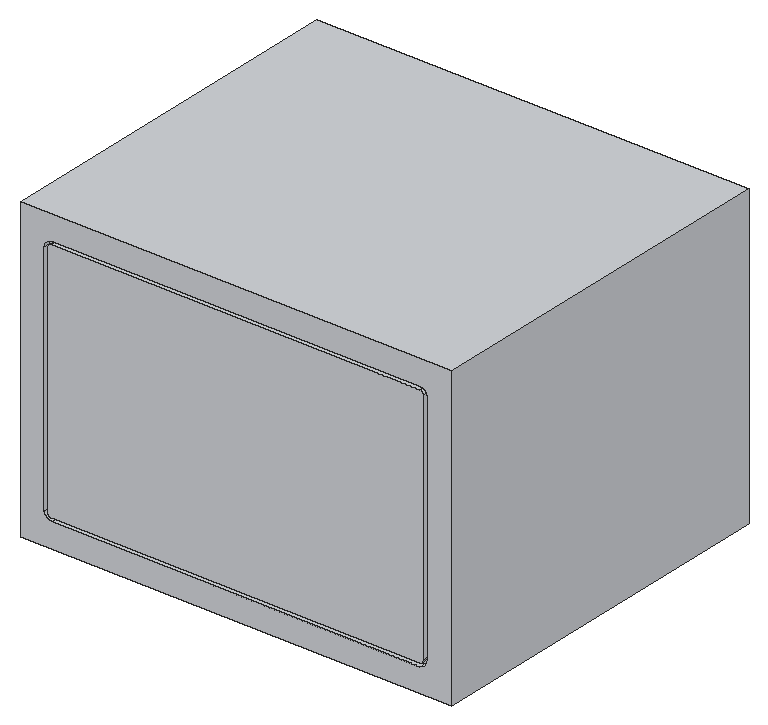
Revit family "Сейф для хранения РФП", category Оборудование, Revit 2017
Family settings
  Размер круглого соединителя = Использовать диаметр
  Тип детали = Нормальный
  На основе рабочей плоскости = Нет
  Всегда вертикально = Да
  При загрузке вырезать с полостями = Нет
  Общий = Нет
  Точка расчета площади = Нет
Parameters (values of type "10 мм")
  Общ_Ширина = 360.0 mm
  Общ_Тип, марка = "СНТ-40-01А"
  Общ_Примечание = ""
  Общ_Поставщик = "Амплитуда"
  Общ_Позиция = ""
  Общ_Наименование = "Сейф для хранения РФП защитный, свинцовый эквивалент 10 мм, 12 л"
  Общ_Масса = "82"
  Общ_Код продукции = ""
  Общ_Единицы измерения = "шт."
  Общ_Глубина = 310.0 mm
  Общ_Высота = 250.0 mm
  Keynote = ""
  Model = ""
Types (2, lengths in mm): name | Общ_Ширина | Общ_Тип, марка | Общ_Наименование | Общ_Масса | Общ_Глубина | Общ_Высота
  10 мм | 360.0 | "СНТ-40-01А" | "Сейф для хранения РФП защитный, свинцовый эквивалент 10 мм, 12 л" | "82" | 310.0 | 250.0
  50 мм | 540.0 | "СНТ-50-01А" | "Сейф для хранения РФП защитный, свинцовый эквивалент 50 мм, 29 л" | "598" | 487.0 | 344.0
Reference planes
  plane 1 "По центру (Вперед/Назад)": y = 0
  plane 2: z = 0
  plane 3 "По центру (Влево/Вправо)": x = 0
  plane 4: x = 180
  plane 5: x = -180
  plane 6: y = 155
  plane 7: y = -155
  plane 8: z = 250
Forms (mm)
  Extrusion 1, solid, detail levels fine
    sketch origin (0, 0, 0) x (1, 0, 0) y (0, 1, 0)
      loop
        line (-180, 155) -> (-180, -155) -> (180, -155) -> (180, 155) -> (-180, 155)
    from 0 to 250
  Extrusion 2, void
    sketch origin (-260, -155, 1200) x (1, 0, 0) y (0, 0, 1)
      loop
        line (414, -970) -> (106, -970)
        arc (106, -970) -> (101.757, -971.757) -> (100, -976) r 6
        line (100, -976) -> (100, -1174)
        arc (100, -1174) -> (101.757, -1178.243) -> (106, -1180) r 6
        line (106, -1180) -> (414, -1180)
        arc (414, -1180) -> (418.243, -1178.243) -> (420, -1174) r 6
        line (420, -1174) -> (420, -976)
        arc (420, -976) -> (418.243, -971.757) -> (414, -970) r 6
      loop
        line (414, -973) -> (106, -973)
        arc (106, -973) -> (103.879, -973.879) -> (103, -976) r 3
        line (103, -976) -> (103, -1174)
        arc (103, -1174) -> (103.879, -1176.121) -> (106, -1177) r 3
        line (106, -1177) -> (414, -1177)
        arc (414, -1177) -> (416.121, -1176.121) -> (417, -1174) r 3
        line (417, -1174) -> (417, -976)
        arc (417, -976) -> (416.121, -973.879) -> (414, -973) r 3
    from 0 to -5
Cuts and joins
  Extrusion 2 cuts Extrusion 1
Lines and regions (mm)
  symbolic lines, detail levels coarse+medium
    curve 1: line (-180, 155, 0) -> (180, 155, 0)
    curve 2: line (-180, -155, 0) -> (-180, 155, 0)
    curve 3: line (180, -155, 0) -> (-180, -155, 0)
    curve 4: line (180, 155, 0) -> (180, -155, 0)
    curve 5: line (-15, -155, 0) -> (0, -99.019, 0)
    curve 6: line (15, -155, 0) -> (0, -99.019, 0)
Dimensions and locks
  "Общ_Ширина": plane 5 to plane 4
  equal spacing: plane 5, plane 3 "По центру (Влево/Вправо)", plane 4
  "Общ_Глубина": plane 6 to plane 7
  equal spacing: plane 6, plane 1 "По центру (Вперед/Назад)", plane 7
  "Общ_Высота": plane 8 to level
  aligned and locked: level to plane 2
  aligned and locked: Extrusion 1 sketch curve to plane 6
  aligned and locked: plane 5 to Extrusion 1 sketch curve
  aligned and locked: plane 7 to Extrusion 1 sketch curve
  aligned and locked: Extrusion 1 sketch curve to plane 4
  aligned and locked: plane 8 to Extrusion 1
  aligned and locked: curve 1 to cut or joined group of Extrusion 1, Extrusion 2
  aligned and locked: curve 2 to cut or joined group of Extrusion 1, Extrusion 2
  aligned and locked: curve 3 to cut or joined group of Extrusion 1, Extrusion 2
  aligned and locked: curve 4 to cut or joined group of Extrusion 1, Extrusion 2
Automatic sketch dimensions
  curve 5 to plane 3 "По центру (Влево/Вправо)" = 0.0 mm
  plane 7 to curve 5 = 55.981 mm
  curve 5 to plane 3 "По центру (Влево/Вправо)" = 15.0 mm
  plane 3 "По центру (Влево/Вправо)" to curve 6 = 15.0 mm
  Extrusion 2 sketch curve to Extrusion 2 sketch curve = 0.0 mm  (x8)
  plane 5 to Extrusion 2 sketch curve = 20.0 mm
  Extrusion 2 sketch curve to Extrusion 2 sketch curve = 3.0 mm  (x4)
  Extrusion 2 sketch curve to plane 4 = 26.0 mm  (x2)
  level to Extrusion 2 sketch curve = 20.0 mm
  Extrusion 2 sketch curve to plane 8 = 26.0 mm
